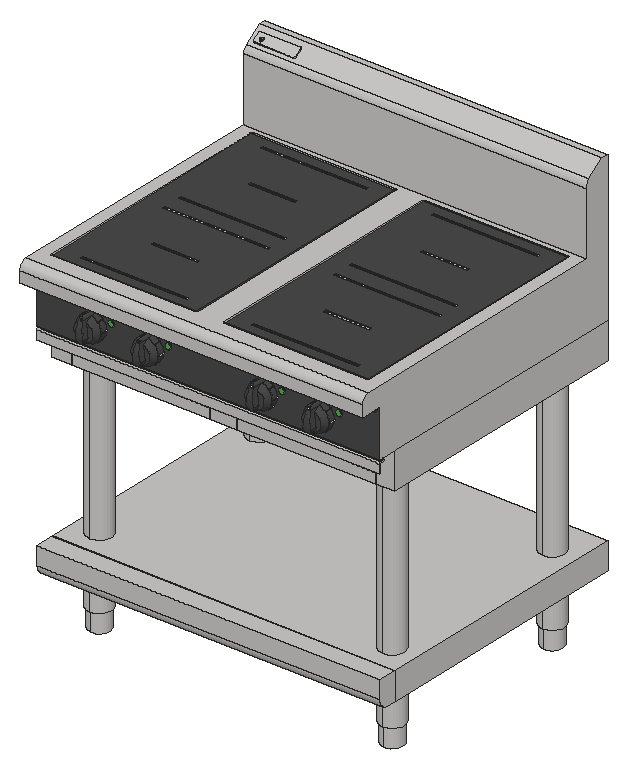
Revit family "QF_Moffat_INB8400R3-LS_Induction_Cooktop_cat", category Specialty Equipment, Revit 2019 (continued)
Definition of nested family "QF_LOGO_Waldorf"
  Lines and regions (mm)
    Split face 8
      outline origin (0, -1.881, 2.589) x (1, 0, 0) y (0, 0.809017, 0.587785)
        loop
          spline (76.449, 7.654) -> (76.841, 7.725) -> (77.206, 7.934) -> (77.52, 8.267) -> (77.76, 8.701) -> (77.912, 9.206) -> (77.963, 9.749) -> (77.912, 10.291) -> (77.76, 10.796) -> (77.52, 11.23) -> (77.206, 11.563) -> (76.841, 11.772) -> (76.449, 11.843)
          spline (76.449, 11.843) -> (76.057, 11.772) -> (75.691, 11.563) -> (75.378, 11.23) -> (75.137, 10.796) -> (74.986, 10.291) -> (74.934, 9.749) -> (74.986, 9.206) -> (75.137, 8.701) -> (75.378, 8.267) -> (75.691, 7.934) -> (76.057, 7.725) -> (76.449, 7.654)
    Split face 9
      outline origin (0, -1.881, 2.589) x (1, 0, 0) y (0, 0.809017, 0.587785)
        loop
          line (86.998, 12.335) -> (86.998, 13.879) -> (83.479, 13.879) -> (83.479, 5.728) -> (87.312, 5.728) -> (87.312, 8.975)
          spline (87.312, 8.975) -> (87.364, 9.356) -> (87.458, 9.686) -> (87.594, 9.968) -> (87.769, 10.204) -> (87.982, 10.398) -> (88.229, 10.55) -> (88.509, 10.666) -> (88.82, 10.746) -> (89.16, 10.794) -> (89.525, 10.812) -> (89.915, 10.803) -> (90.327, 10.77)
          line (90.327, 10.77) -> (90.327, 14.113)
          spline (90.327, 14.113) -> (89.929, 14.127) -> (89.552, 14.111) -> (89.197, 14.066) -> (88.865, 13.991) -> (88.554, 13.887) -> (88.266, 13.754) -> (87.999, 13.591) -> (87.755, 13.399) -> (87.532, 13.177) -> (87.332, 12.926) -> (87.154, 12.645) -> (86.998, 12.335)
    Split face 10
      outline origin (0, -1.881, 2.589) x (1, 0, 0) y (0, 0.809017, 0.587785)
        loop
          line (92.082, 13.879) -> (90.894, 13.879) -> (90.894, 11.972) -> (92.082, 11.972) -> (92.082, 5.728) -> (95.871, 5.728) -> (95.871, 11.972) -> (97.5, 11.972) -> (97.5, 13.879) -> (95.871, 13.879)
          spline (95.871, 13.879) -> (95.843, 14.088) -> (95.845, 14.278) -> (95.877, 14.447) -> (95.939, 14.596) -> (96.03, 14.726) -> (96.151, 14.835) -> (96.301, 14.925) -> (96.482, 14.995) -> (96.692, 15.045) -> (96.931, 15.075) -> (97.201, 15.085) -> (97.5, 15.076)
          line (97.5, 15.076) -> (97.5, 17.266) -> (95.367, 17.266)
          spline (95.367, 17.266) -> (94.982, 17.253) -> (94.58, 17.21) -> (94.174, 17.132) -> (93.774, 17.013) -> (93.39, 16.846) -> (93.034, 16.627) -> (92.717, 16.349) -> (92.448, 16.007) -> (92.24, 15.595) -> (92.102, 15.106) -> (92.046, 14.537) -> (92.082, 13.879)
  Dimensions and locks
    equal spacing: plane 3 "LEFT", plane 7 "Center Y", plane 4 "RIGHT"
    "Length": plane 3 "LEFT" to plane 4 "RIGHT"
    equal spacing: plane 5 "FRONT", plane 8 "Center X", plane 1 "BACK"
    "Depth": plane 5 "FRONT" to plane 1 "BACK"
    "Height": plane 6 "TOP" to level
    plane 4 "RIGHT" to plane 3 "LEFT" = 138 mm
    aligned and locked: level to plane 2
  Automatic sketch dimensions
    Extrusion 1 sketch curve to plane 3 "LEFT" = 0 mm
    plane 3 "LEFT" to Extrusion 1 sketch curve = 4 mm  (x2)
    Extrusion 1 sketch curve to Extrusion 1 sketch curve = 10.75 mm
    Extrusion 1 sketch curve to Extrusion 1 sketch curve = 0.5 mm
    plane 4 "RIGHT" to Extrusion 1 sketch curve = 33 mm
    Extrusion 1 sketch curve to Extrusion 1 sketch curve = 0 mm  (x3)
    Extrusion 1 sketch curve to Extrusion 1 sketch curve = 4 mm
    Extrusion 1 sketch curve to Extrusion 1 sketch curve = 3.464 mm  (x3)
    Extrusion 1 sketch curve to Extrusion 1 sketch curve = 3.541 mm
    Extrusion 1 sketch curve to Extrusion 1 sketch curve = 4.325 mm
    Extrusion 1 sketch curve to Extrusion 1 sketch curve = 19.783 mm
    Extrusion 1 sketch curve to Extrusion 1 sketch curve = 7.592 mm
    plane 3 "LEFT" to Extrusion 2 sketch curve = 15.25 mm
    Extrusion 2 sketch curve to Extrusion 2 sketch curve = 4.325 mm
    plane 3 "LEFT" to Extrusion 3 sketch curve = 14.75 mm
    Extrusion 3 sketch curve to Extrusion 3 sketch curve = 4.325 mm
    Extrusion 1 to Split face 1 sketch curve = 6.879 mm
    Split face 1 sketch curve to Extrusion 1 = 5.728 mm
    Split face 1 sketch curve to Split face 1 sketch curve = 3.132 mm
    Split face 1 sketch curve to Split face 1 sketch curve = 4.068 mm
    Split face 1 sketch curve to Split face 1 sketch curve = 3.051 mm
    Split face 1 sketch curve to Split face 1 sketch curve = 4.203 mm
    Split face 1 sketch curve to Split face 1 sketch curve = 2.916 mm
    Split face 1 sketch curve to Split face 1 sketch curve = 3.456 mm
    Split face 1 sketch curve to Split face 1 sketch curve = 2.934 mm
    Split face 1 sketch curve to Split face 1 sketch curve = 4.131 mm
    Split face 1 sketch curve to Split face 1 sketch curve = 3.96 mm
    Split face 1 sketch curve to Split face 1 sketch curve = 0 mm  (x2)
    Split face 1 sketch curve to Extrusion 1 = 9.736 mm  (x2)
    Extrusion 1 to Split face 1 sketch curve = 6.337 mm
    Extrusion 1 to Split face 1 sketch curve = 6.231 mm
    Extrusion 1 to Split face 1 sketch curve = 3.184 mm
    Extrusion 1 to Split face 1 sketch curve = 13.135 mm
    Split face 1 sketch curve to Split face 1 sketch curve = 4.652 mm
    Split face 1 sketch curve to Split face 1 sketch curve = 3.593 mm
    Split face 1 sketch curve to Split face 1 sketch curve = 1.863 mm
    Split face 1 sketch curve to Split face 1 sketch curve = 0.713 mm
    Split face 1 sketch curve to Split face 1 sketch curve = 2.684 mm
    Split face 1 sketch curve to Split face 1 sketch curve = 3.294 mm
    Split face 1 sketch curve to Split face 1 sketch curve = 0.459 mm
    Split face 1 sketch curve to Split face 1 sketch curve = 2.775 mm
    Split face 1 sketch curve to Split face 1 sketch curve = 1.89 mm
    Split face 1 sketch curve to Split face 1 sketch curve = 0.685 mm
    Split face 1 sketch curve to Split face 1 sketch curve = 9.486 mm
    Split face 1 sketch curve to Split face 1 sketch curve = 16.213 mm
    Split face 1 sketch curve to Split face 1 sketch curve = 3.48 mm
    Split face 1 sketch curve to Split face 1 sketch curve = 4.918 mm
    Split face 1 sketch curve to Split face 1 sketch curve = 7.609 mm
    Split face 1 sketch curve to Split face 1 sketch curve = 0.01 mm  (x2)
    Split face 1 sketch curve to Split face 1 sketch curve = 0.002 mm
    Split face 2 sketch curve to Extrusion 1 = 11.169 mm
    Extrusion 1 to Split face 2 sketch curve = 25.647 mm
    Split face 2 sketch curve to Split face 2 sketch curve = 3.72 mm
    Split face 2 sketch curve to Extrusion 1 = 11.965 mm
    Split face 2 sketch curve to Split face 2 sketch curve = 0.371 mm
    Split face 2 sketch curve to Extrusion 1 = 6.602 mm
    Split face 2 sketch curve to Split face 2 sketch curve = 2.689 mm
    Split face 2 sketch curve to Split face 2 sketch curve = 0.318 mm
    Split face 2 sketch curve to Split face 2 sketch curve = 3.729 mm
    Split face 2 sketch curve to Split face 2 sketch curve = 0.414 mm
    Split face 2 sketch curve to Split face 2 sketch curve = 0.875 mm
    Split face 2 sketch curve to Split face 2 sketch curve = 0.878 mm
    Split face 3 sketch curve to Extrusion 1 = 8.597 mm
    Extrusion 1 to Split face 3 sketch curve = 29.688 mm
    Split face 3 sketch curve to Extrusion 1 = 9.264 mm
    Split face 3 sketch curve to Split face 3 sketch curve = 2.326 mm
    Split face 4 sketch curve to Extrusion 1 = 5.728 mm
    Extrusion 1 to Split face 4 sketch curve = 38.08 mm
    Split face 4 sketch curve to Split face 4 sketch curve = 3.843 mm
    Split face 4 sketch curve to Extrusion 1 = 9.736 mm
    Split face 5 sketch curve to Extrusion 1 = 9.736 mm
    Split face 5 sketch curve to Extrusion 1 = 43.205 mm
    Split face 5 sketch curve to Extrusion 1 = 6.679 mm
    Split face 5 sketch curve to Split face 5 sketch curve = 0.342 mm
    Split face 5 sketch curve to Split face 5 sketch curve = 3.375 mm
    Split face 5 sketch curve to Split face 5 sketch curve = 0.952 mm
    Split face 5 sketch curve to Split face 5 sketch curve = 3.998 mm
    Split face 6 sketch curve to Extrusion 1 = 7.499 mm
    Split face 6 sketch curve to Extrusion 1 = 44.727 mm
    Split face 6 sketch curve to Split face 6 sketch curve = 2.07 mm
    Split face 7 sketch curve to Extrusion 1 = 5.305 mm
    Split face 7 sketch curve to Extrusion 1 = 32.551 mm
    Split face 7 sketch curve to Split face 7 sketch curve = 4.443 mm
    Split face 8 sketch curve to Extrusion 1 = 7.654 mm
    Split face 8 sketch curve to Extrusion 1 = 32.551 mm
    Split face 8 sketch curve to Split face 8 sketch curve = 2.095 mm
    Split face 9 sketch curve to Extrusion 1 = 5.728 mm
    Split face 9 sketch curve to Extrusion 1 = 25.521 mm
    Split face 9 sketch curve to Split face 9 sketch curve = 3.519 mm
    Split face 9 sketch curve to Split face 9 sketch curve = 0.315 mm
    Split face 9 sketch curve to Split face 9 sketch curve = 3.33 mm
    Split face 9 sketch curve to Split face 9 sketch curve = 3.248 mm
    Split face 9 sketch curve to Split face 9 sketch curve = 1.795 mm
    Split face 9 sketch curve to Split face 9 sketch curve = 3.36 mm
    Split face 9 sketch curve to Split face 9 sketch curve = 1.545 mm
    Split face 9 sketch curve to Split face 9 sketch curve = 0.233 mm
    Split face 10 sketch curve to Extrusion 1 = 18.106 mm
    Split face 10 sketch curve to Split face 10 sketch curve = 1.188 mm  (x2)
    Split face 10 sketch curve to Split face 10 sketch curve = 3.285 mm
    Split face 10 sketch curve to Split face 10 sketch curve = 3.789 mm
    Split face 10 sketch curve to Split face 10 sketch curve = 0 mm  (x2)
    Split face 10 sketch curve to Split face 10 sketch curve = 1.629 mm
    Split face 10 sketch curve to Split face 10 sketch curve = 2.133 mm
    Split face 10 sketch curve to Extrusion 1 = 5.728 mm
    Split face 10 sketch curve to Split face 10 sketch curve = 6.245 mm
    Split face 10 sketch curve to Split face 10 sketch curve = 1.907 mm  (x2)
    Split face 10 sketch curve to Split face 10 sketch curve = 1.197 mm
    Split face 10 sketch curve to Split face 10 sketch curve = 2.19 mm
Definition of nested family "Knob"
  Parameters (values of type "Knob")
    Weight in Pounds = 0
    URL Cutsheet = ""
    Specification by User = ""
    Specification by Manufacturer = ""
    Serial Number = ""
    Seismic Rating = ""
    SMACNA No = ""
    Revision Code = ""
    NAFEM Spec ID Number = ""
    Masterspec = ""
    Length = 65 mm
    Item Number = ""
    Installed By = ""
    Identify Quantity as Lot = yes
    Height = 69.5 mm
    Furnished By = ""
    Foodservice Equipment Identifier = yes
    Depth = 59 mm
    CSI MasterFormat = ""
  Reference planes
    plane 1 "BACK": y = 0
    plane 2: z = 0
    plane 3 "LEFT": x = 0
    plane 4 "RIGHT": x = 65
    plane 5 "FRONT": y = -59
    plane 6 "TOP": z = 69.5
    plane 7 "Center Y": x = 32.5
    plane 8 "Center X": y = -29.5
  Forms (mm)
    Revolve 1, solid
      sketch origin (32.5, 175.397, 1219.2) x (0, 1, 0) y (0, 0, 1)
        loop
          line (-175.397, -1186.7) -> (-219.397, -1186.7) -> (-219.397, -1211.501) -> (-202.106, -1219.2) -> (-185.397, -1219.2) -> (-185.397, -1191.7) -> (-175.397, -1191.7) -> (-175.397, -1186.7)
        axis (-219.397, -1186.7) -> (-175.397, -1186.7)
      angle from 0 to 360
    Extrusion 2, solid
      sketch origin (32.5, 175.397, 1219.2) x (0, 1, 0) y (0, 0, 1)
        loop
          line (-202.106, -1154.2) -> (-185.397, -1154.2) -> (-185.397, -1149.7) -> (-224.105, -1149.7)
          arc (-224.105, -1149.7) -> (-233.965, -1178.467) -> (-230.696, -1208.7) r 70
          line (-230.696, -1208.7) -> (-219.397, -1208.7) -> (-219.397, -1161.899) -> (-202.106, -1154.2)
      from -15 to 15
    Extrusion 3, void
      sketch origin (0, 0, 0) x (1, 0, 0) y (0, 0, 1)
        loop
          line (27.501, 64.613) -> (22.02, 20.585)
          arc (22.02, 20.585) -> (32.792, 10.488) -> (42.986, 21.169) r 10.487
          line (42.986, 21.169) -> (37.499, 64.613)
          arc (37.499, 64.613) -> (32.5, 69.5) -> (27.501, 64.613) r 5
        loop
          line (10, 72.977) -> (10, 5.625) -> (55, 5.625) -> (55, 72.977) -> (10, 72.977)
      from 6.142 to 69.687
    Extrusion 4, solid
      sketch origin (0, -34.115, -16.916) x (1, 0, 0) y (0, 0.45399, 0.891007)
        loop
          circle (32.497, 65) r 2
      from 51.525 to 53.075
    Extrusion 5, solid
      sketch origin (32.5, -10, 32.5) x (0, 0, -1) y (-1, 0, 0)
        loop
          line (-23.54, -22.408) -> (-24.106, -22.974)
          arc (-24.106, -22.974) -> (-23.547, -23.547) -> (-22.974, -24.106) r 33.3
          line (-22.974, -24.106) -> (-22.408, -23.54)
          arc (-22.408, -23.54) -> (-22.981, -22.981) -> (-23.54, -22.408) r 32.5
        loop
          arc (-0.8, -33.29) -> (0, -33.3) -> (0.8, -33.29) r 33.3
          line (0.8, -33.29) -> (0.8, -32.49)
          arc (0.8, -32.49) -> (0, -32.5) -> (-0.8, -32.49) r 32.5
          line (-0.8, -32.49) -> (-0.8, -33.29)
        loop
          arc (23.54, -22.408) -> (22.981, -22.981) -> (22.408, -23.54) r 32.5
          line (22.408, -23.54) -> (22.974, -24.106)
          arc (22.974, -24.106) -> (23.547, -23.547) -> (24.106, -22.974) r 33.3
          line (24.106, -22.974) -> (23.54, -22.408)
        loop
          arc (-23.54, 22.408) -> (-22.981, 22.981) -> (-22.408, 23.54) r 32.5
          line (-22.408, 23.54) -> (-22.974, 24.106)
          arc (-22.974, 24.106) -> (-23.547, 23.547) -> (-24.106, 22.974) r 33.3
          line (-24.106, 22.974) -> (-23.54, 22.408)
        loop
          line (-0.8, 33.29) -> (-0.8, 32.49)
          arc (-0.8, 32.49) -> (0, 32.5) -> (0.8, 32.49) r 32.5
          line (0.8, 32.49) -> (0.8, 33.29)
          arc (0.8, 33.29) -> (0, 33.3) -> (-0.8, 33.29) r 33.3
        loop
          line (32.49, -0.8) -> (33.29, -0.8)
          arc (33.29, -0.8) -> (33.3, 0) -> (33.29, 0.8) r 33.3
          line (33.29, 0.8) -> (32.49, 0.8)
          arc (32.49, 0.8) -> (32.5, 0) -> (32.49, -0.8) r 32.5
        loop
          arc (24.106, 22.974) -> (23.547, 23.547) -> (22.974, 24.106) r 33.3
          line (22.974, 24.106) -> (22.408, 23.54)
          arc (22.408, 23.54) -> (22.981, 22.981) -> (23.54, 22.408) r 32.5
          line (23.54, 22.408) -> (24.106, 22.974)
      from 0 to -16.709
  Cuts and joins
    Extrusion 3 cuts Extrusion 2
  Dimensions and locks
    equal spacing: plane 3 "LEFT", plane 7 "Center Y", plane 4 "RIGHT"
    "Length": plane 3 "LEFT" to plane 4 "RIGHT"
    equal spacing: plane 5 "FRONT", plane 8 "Center X", plane 1 "BACK"
    "Depth": plane 5 "FRONT" to plane 1 "BACK"
    "Height": plane 6 "TOP" to level
    plane 4 "RIGHT" to plane 3 "LEFT" = 65 mm
    aligned and locked: level to plane 2
  Automatic sketch dimensions
    Revolve 1 sketch curve to level = 0 mm
    Revolve 1 sketch curve to plane 1 "BACK" = 0 mm  (x2)
    plane 1 "BACK" to Revolve 1 sketch curve = 10 mm
    plane 8 "Center X" to Revolve 1 sketch curve = 2.791 mm
    Revolve 1 sketch curve to plane 8 "Center X" = 14.5 mm
    level to Revolve 1 sketch curve = 7.699 mm
    level to Revolve 1 sketch curve = 27.5 mm
    Revolve 1 sketch curve to Revolve 1 sketch curve = 5 mm
    Revolve 1 sketch curve to Revolve 1 sketch curve = 35 mm
    Revolve 1 sketch curve to Revolve 1 sketch curve = 0 mm
    Extrusion 2 sketch curve to plane 6 "TOP" = 0 mm
    Extrusion 2 sketch curve to plane 5 "FRONT" = 3.702 mm
    Extrusion 2 sketch curve to plane 5 "FRONT" = 10.293 mm
    Extrusion 2 sketch curve to Extrusion 2 sketch curve = 11.298 mm
    plane 8 "Center X" to Extrusion 2 sketch curve = 2.791 mm
    plane 1 "BACK" to Extrusion 2 sketch curve = 10 mm
    Extrusion 2 sketch curve to plane 1 "BACK" = 11 mm
    Extrusion 2 sketch curve to plane 6 "TOP" = 4.5 mm
    Extrusion 2 sketch curve to plane 6 "TOP" = 12.199 mm
    level to Extrusion 2 sketch curve = 32.962 mm
    level to Extrusion 3 sketch curve = 5.625 mm
    Extrusion 3 sketch curve to plane 7 "Center Y" = 0 mm  (x2)
    Extrusion 3 sketch curve to plane 7 "Center Y" = 4.999 mm
    Extrusion 3 sketch curve to plane 7 "Center Y" = 10.48 mm
    plane 6 "TOP" to Extrusion 3 sketch curve = 3.477 mm
    plane 3 "LEFT" to Extrusion 3 sketch curve = 10 mm
    Extrusion 3 sketch curve to plane 6 "TOP" = 4.887 mm
    Extrusion 3 sketch curve to Extrusion 3 sketch curve = 4.999 mm
    plane 7 "Center Y" to Extrusion 3 sketch curve = 10.486 mm
    level to Extrusion 3 sketch curve = 20.585 mm
    Extrusion 3 sketch curve to Extrusion 3 sketch curve = 0.387 mm
    Extrusion 3 sketch curve to Extrusion 3 sketch curve = 0.113 mm
    plane 4 "RIGHT" to Extrusion 3 sketch curve = 10 mm
    Extrusion 5 sketch curve to Revolve 1 = 32.49 mm
    Revolve 1 to Extrusion 5 sketch curve = 32.49 mm
    Extrusion 5 sketch curve to Revolve 1 = 23.54 mm  (x2)
    Revolve 1 to Extrusion 5 sketch curve = 23.54 mm  (x2)
    Extrusion 5 sketch curve to Revolve 1 = 24.106 mm  (x2)
    Revolve 1 to Extrusion 5 sketch curve = 24.106 mm  (x2)
    Revolve 1 to Extrusion 5 sketch curve = 22.408 mm  (x2)
    Extrusion 5 sketch curve to Revolve 1 = 22.408 mm  (x2)
    Revolve 1 to Extrusion 5 sketch curve = 22.974 mm  (x2)
    Extrusion 5 sketch curve to Revolve 1 = 22.974 mm  (x2)
    Extrusion 5 sketch curve to Extrusion 5 sketch curve = 1.6 mm  (x2)
    Revolve 1 to Extrusion 5 sketch curve = 0.8 mm
    Extrusion 5 sketch curve to Revolve 1 = 0.8 mm
    Extrusion 4 sketch curve to plane 7 "Center Y" = 0.003 mm
    radius of Extrusion 5 sketch curve to Revolve 1 = 0 mm  (x7)
    radius of Revolve 1 to Extrusion 5 sketch curve = 0.8 mm  (x7)
    radius of Extrusion 4 sketch curve = 2 mm
Types (2, lengths in mm): name | Volts | Cycle | Apparent Power
  INB8400R3-LS_415/60/3 | 415 V | 60 Hz | 14359 VA
  INB8400R3-LS_400/50/3 | 400 V | 50 Hz | 13840 VA
